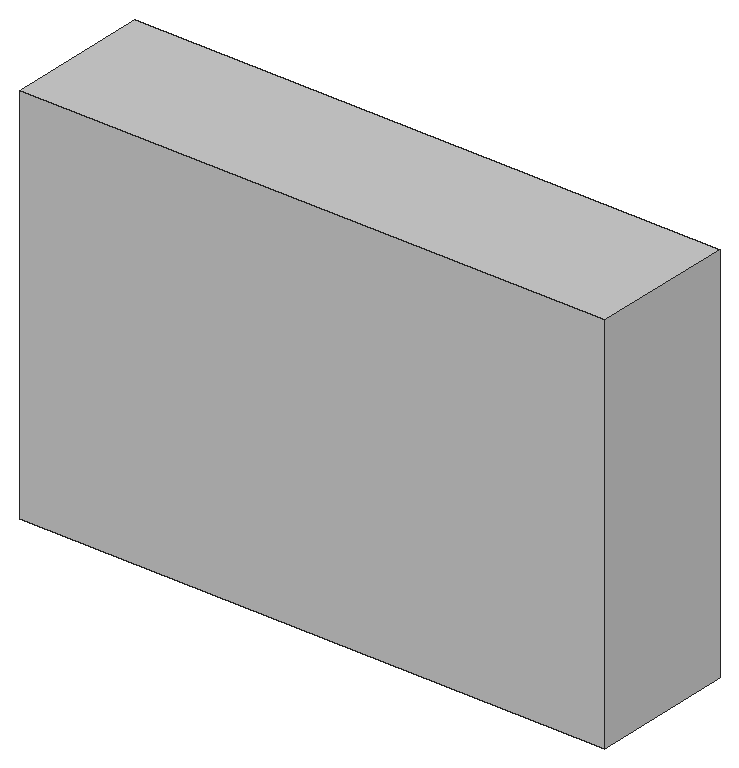
Revit family "RYN_BEAM_Concrete", category Structural Framing, Revit 2025
Family settings
  Display in Hidden Views = Edges Hidden by Other Members
  Structural Framing Length Roundoff = 0 mm
  Section Shape = Not Defined
  Material for Model Behavior = Concrete
  Always export as geometry = No
  OmniClass Number = 23.25.30.11.14.14
  OmniClass Title = Beams
  Always vertical = Yes
  Cut with Voids When Loaded = No
  Symbolic Representation = From Family
  Shared = No
  Show family pre-cut in plan views = Yes
Parameters (values of type "400 x 800mm")
  Structural Material [instance] = Concrete, Cast-in-Place gray
  RYN_Structural_Beam_Width = 300 mm
  RYN_Structural_Beam_Depth = 800 mm
  RYN_Structural_Beam_Area = RYN_Structural_Beam_Depth * RYN_Structural_Beam_Width  # 0.24 m²
  Assembly Code = ""
  Length [instance] = 1524 mm
Reference planes
  plane 1 "Center (Front/Back)": y = 150
  plane 2: z = 0
  plane 3 "Center (Left/Right)": x = 4.61
  plane 4 "Member Left": x = -604.99
  plane 5 "Member Right": x = 614.21
  plane 6: y = 300
  plane 7: y = 0
  plane 8: z = 400
  plane 9 "Bottom": z = -400
  plane 10 "Left": x = -757.39
  plane 11 "Right": x = 766.61
Forms (mm)
  Sweep 1, solid, material "Concrete, Cast-in-Place gray" <- "Structural Material"
    path origin (0, 0, 0) x (1, 0, 0) y (0, 1, 0)
      loop
        line (614.21, 150) -> (-604.99, 150)
    profile "RYN_Rectangular Beam-Profile : RYN_Rectangular Beam-Profile" origin (4.61, 150, 0) x (0, -1, 0) y (0, 0, 1)
      loop
        line (-150, -400) -> (150, -400) -> (150, 400) -> (-150, 400) -> (-150, -400)
Dimensions and locks
  "RYN_Structural_Beam_Width": plane 6 to plane 7
  equal spacing: plane 9 "Bottom", plane 2, plane 8
  equal spacing: plane 6, plane 1 "Center (Front/Back)", plane 7
  "RYN_Structural_Beam_Depth": plane 9 "Bottom" to plane 8
  "Length": plane 10 "Left" to plane 11 "Right"
  aligned and locked: Sweep 1 sketch curve to plane 1 "Center (Front/Back)"
  aligned and locked: plane 4 "Member Left" to Sweep 1 sketch curve
  aligned and locked: plane 5 "Member Right" to Sweep 1 sketch curve
